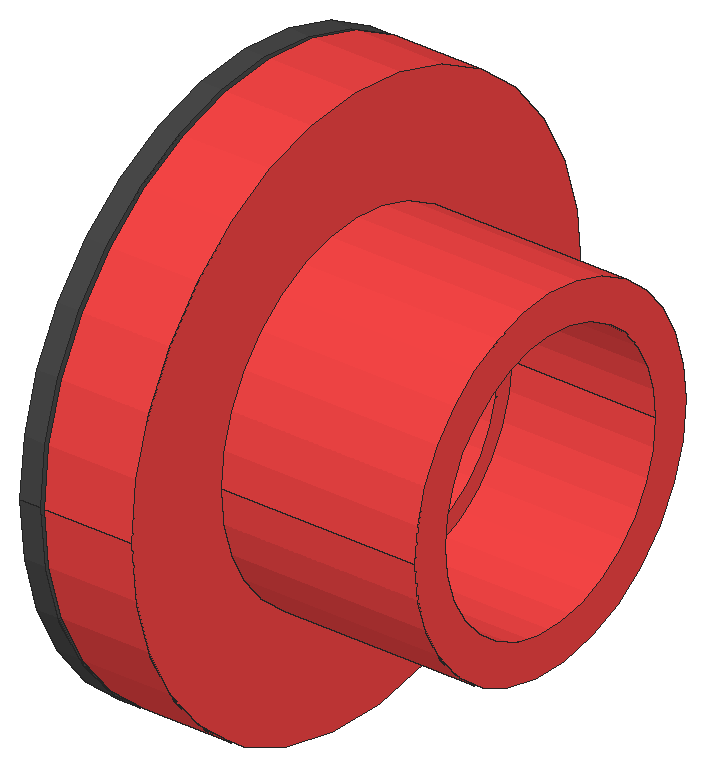
Revit family "Aquatherm_Втулка с буртиком B1", category Соединительные детали трубопроводов, Revit 2019
Family settings
  Размер круглого соединителя = Использовать диаметр
  Тип детали = Соединение
  На основе рабочей плоскости = Нет
  Всегда вертикально = Да
  При загрузке вырезать с полостями = Нет
  Общий = Нет
Parameters (values of type "SDR 7.4")
  Материал_Корпус_2 = AquaTherm black pipe
  Материал_Корпус = AquaTherm red pipe
  z1 [instance] = size_lookup("Втулка с буртиком", "z1", 5 mm, d)  # 3 mm
  z [instance] = size_lookup("Втулка с буртиком", "z", 5 mm, d)  # 17 mm
  URL = "www.agpipe.ru"
  SDR = 7.4 mm
  l [instance] = size_lookup("Втулка с буртиком", "l", 5 mm, d)  # 35 mm
  D1 [instance] = size_lookup("Втулка с буртиком", "D1", 5 mm, d)  # 68 mm
  D [instance] = size_lookup("Втулка с буртиком", "D", d + 8 mm, d)  # 41 mm
  l1 [instance] = size_lookup("Втулка с буртиком", "l1", 20 mm, d)  # 11 mm
  d [instance] = 32 mm
  ADSK_Примечание = ""
  ADSK_Позиция [instance] = ""
  ADSK_Обозначение = ""
  ADSK_Наименование [instance] = size_lookup("Втулка с буртиком", "ADSK_Наименование", "Нет в каталоге", d)  # "Втулка с буртиком/B1 DN32"
  ADSK_Масса_Текст [instance] = size_lookup("Втулка с буртиком", "ADSK_Масса_Текст", "Нет в каталоге", d)  # "0.031"
  ADSK_Код изделия [instance] = size_lookup("Втулка с буртиком", "ADSK_Код изделия", "Нет в каталоге", d)  # "4115512"
  ADSK_Завод-изготовитель = "Aquatherm"  # constant formula
  ADSK_Единица измерения = "шт."  # constant formula
Reference planes
  plane 1 "По центру (Вперед/Назад)": y = 0
  plane 2: z = 0
  plane 3 "По центру (Влево/Вправо)": x = 0
  plane 4: x = -17.5
  plane 5: x = 17.5
  plane 6: x = -20.5
  plane 7: x = -20
  plane 8: x = -6.5
  plane 9: x = -0.5
  plane 10: y = 16
  plane 11: y = -16
Forms (mm)
  Extrusion 1, solid, material "AquaTherm red pipe" <- "Материал_Корпус"
    sketch origin (0, 0, 0) x (0, 1, 0) y (0, 0, 1)
      loop
        circle (0, 0) r 20.5
    from -6.5 to 17
  Extrusion 2, solid, material "AquaTherm red pipe" <- "Материал_Корпус"
    sketch origin (0, 0, 0) x (0, 1, 0) y (0, 0, 1)
      loop
        circle (0, 0) r 34
    from -17 to -6.5
  Extrusion 3, solid, material "AquaTherm black pipe" <- "Материал_Корпус_2"
    sketch origin (0, 0, 0) x (0, 1, 0) y (0, 0, 1)
      loop
        circle (0, 0) r 34
    from -20 to -17.5
  Revolve 4, void
    sketch origin (0, 0, 0) x (1, 0, 0) y (0, 1, 0)
      loop
        line (17.5, 16) -> (-0.5, 16) -> (-0.5, 14) -> (-20, 14) -> (-20, 0) -> (17.5, 0) -> (17.5, 16)
      axis (-20, 0) -> (17.5, 0)
    angle from 0 to 360
Cuts and joins
  Revolve 4 cuts Extrusion 1
  Revolve 4 cuts Extrusion 2
  Revolve 4 cuts Extrusion 3
Lines and regions (mm)
  reference lines
    curve 1: line (-17.5, 0, 0) -> (17.5, 0, 0)
Dimensions and locks
  equal spacing: plane 4, plane 3 "По центру (Влево/Вправо)", plane 5
  "z1": plane 6 to plane 4
  "l": plane 4 to plane 5
  "l1": plane 4 to plane 8
  "z": plane 4 to plane 9
  equal spacing: plane 10, plane 1 "По центру (Вперед/Назад)", plane 11
  "d": plane 10 to plane 11
  locked: plane 10 to Revolve 4 sketch curve at 2
  "D": diameter of Extrusion 1 sketch curve
  "D1": diameter of Extrusion 2 sketch curve
  "D1": diameter of Extrusion 3 sketch curve
  aligned and locked: level to plane 2
  aligned and locked: Extrusion 1 to plane 8
  aligned and locked: plane 8 to Extrusion 2
  aligned and locked: plane 4 to Extrusion 3
  aligned and locked: Extrusion 3 to plane 7
  aligned and locked: plane 5 to Revolve 4 sketch curve
  aligned and locked: plane 10 to Revolve 4 sketch curve
  aligned and locked: Revolve 4 sketch curve to plane 9
  aligned and locked: Revolve 4 sketch curve to plane 7
  aligned and locked: plane 5 to curve 1
  aligned and locked: plane 4 to curve 1
  aligned and locked: plane 1 "По центру (Вперед/Назад)" to curve 1
Automatic sketch dimensions
  Extrusion 1 sketch curve to level = 0 mm
  Extrusion 1 sketch curve to plane 1 "По центру (Вперед/Назад)" = 0 mm
  Extrusion 2 sketch curve to level = 0 mm
  Extrusion 2 sketch curve to plane 1 "По центру (Вперед/Назад)" = 0 mm
  Extrusion 3 sketch curve to level = 0 mm
  Extrusion 3 sketch curve to plane 1 "По центру (Вперед/Назад)" = 0 mm
  plane 1 "По центру (Вперед/Назад)" to Revolve 4 sketch curve = 0 mm  (x2)
  Revolve 4 sketch curve to plane 6 = 5 mm
  Revolve 4 sketch curve to Revolve 4 sketch curve = 23 mm
Connectors
  piping at (-17.5, 0, 0), diameter 32, driven by "d"
    settings: on curve 1, index 1, connector inside diameter 609.6 mm, connector length 0 mm, flow factor 0, pipe flow 0.0 L/s, pressure drop 0.0 Pa, fitting loss kfactor 0, connector angle 0.00°, fixture units 0, engagement length 0 mm, angle of deflection 0.00°, flow configuration 0, flow direction 0, fitting loss method 0, system type 28, joint type 0, gender type 0, connector reference index 2, connector utility 0, adjustable connector no, is connector primary yes, connector description ""
  piping at (17.5, 0, 0), diameter 32, driven by "d"
    settings: on curve 1, index 2, connector inside diameter 609.6 mm, connector length 0 mm, flow factor 0, pipe flow 0.0 L/s, pressure drop 0.0 Pa, fitting loss kfactor 0, connector angle 0.00°, fixture units 0, engagement length 0 mm, angle of deflection 0.00°, flow configuration 0, flow direction 0, fitting loss method 0, system type 28, joint type 0, gender type 0, connector reference index 1, connector utility 0, adjustable connector no, is connector primary no, connector description ""
